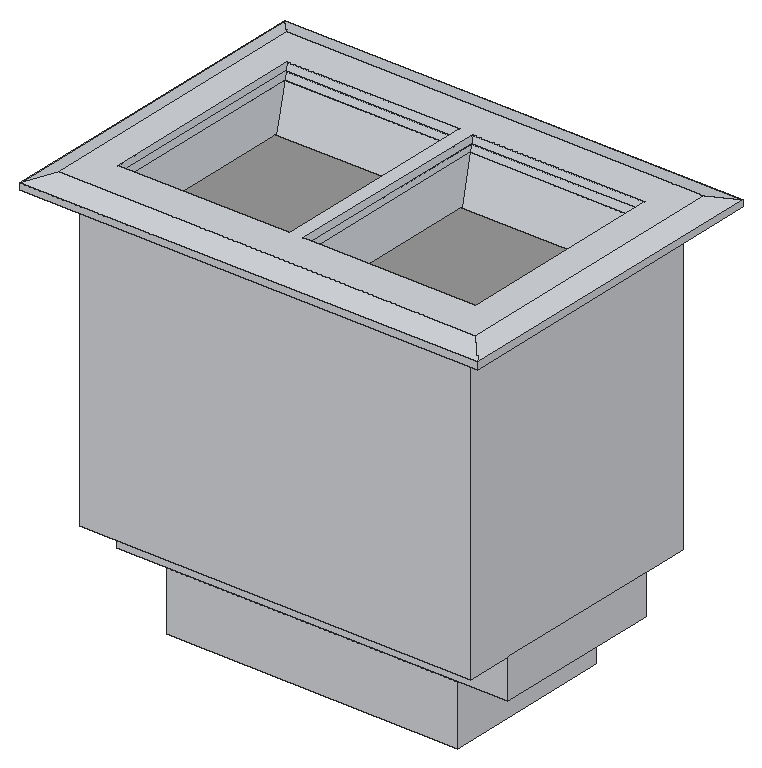
Revit family "2061078 Sylvania Lighting Fixture DOMINO 2xLED 940 BLACK NB TRIM BLACK", category Lighting Fixtures, host Face, Revit 2018
Family settings
  Host = Face
  Round Connector Dimension = Use Diameter
  Part Type = Normal
  OmniClass Number = 23.80.70.00
  OmniClass Title = Lighting
  Cut with Voids When Loaded = No
  Light Source = Yes
  Shared = No
  Room Calculation Point = No
Parameters (values of type "2061078 DOMINO 2XLED 940 BLACK NB TR BLK ")
  top top length = 44 mm
  Width = 50 mm
  Weight = "n/a"
  Wattage Comments = ""
  Wattage = 9.2903 W
  WarrantyStartDate [instance] = "n/a"
  WarrantyGuarantorParts = "n/a"
  WarrantyDurationUnit = "n/a"
  WarrantyDurationParts = ""
  WarrantyDescription = "http://www.sylvania-lighting.com"
  built-in parameter 1150110 = 1 (stored number, unit not read)
  Voltage = 0 V
  URL = "0.6"
  TypeName = "DOMINO 2xLED 940 BLACK NB TRIM BLACK"
  Type Image = <None>
  Type Comments = "n/a"
  built-in parameter 1114217 = 1 (stored number, unit not read)
  Top Width = 26 mm
  Tilt Angle = 90.00°
  built-in parameter 1150109 = 1 (stored number, unit not read)
  built-in parameter 1150134 = 3
  built-in parameter 1150113 = 1 (stored number, unit not read)
  SerialNumber [instance] = "n/a"
  Recessed Width = 43 mm
  Recessed Length = 63 mm
  Photometric Web File = "2061078.ies"
  Material_3_FEILO = none
  PowerFactor = 0
  PowerConsumption = "Lighting"
  NominalLength = 50 mm
  NominalHeight = 0 mm
  NominalDepth = 0 mm
  Name = "DOMINO 2xLED 940 BLACK NB TRIM BLACK"
  ModelReference = Name  # "DOMINO 2xLED 940 BLACK NB TRIM BLACK"
  ModelNumber = "2061078"
  Model = Name  # "DOMINO 2xLED 940 BLACK NB TRIM BLACK"
  Material = "Feilo Sylvania"
  ManufacturerName = "59 lm/W"
  Manufacturer = ""
  LuminousEfficacy = ""
  built-in parameter 1150105 = 109.82 (stored number, unit not read)
  Lumens = 1380 lm
  LuminaireType = "0"
  built-in parameter 1150115 = 1 (stored number, unit not read)
  LightOutputRatio = "LED"
  built-in parameter 1150137 = (empty or 0)
  built-in parameter 1150139 = (empty or 0)
  Lens Width = 32 mm
  Lens = Glass, White, High Luminance
  Length = 69 mm
  LampsType = Lamp  # "n/a"
  LampNominalLuminous = "4000 K"
  LampMacAdamStep = "90"
  LampColourTemperature = "LED"
  LampColourRenderingIndex = "16500"
  built-in parameter 1150112 = 1 (stored number, unit not read)
  built-in parameter 1150114 = 1 (stored number, unit not read)
  Lamp = "n/a"
  Keynote = "n/a"
  InstallationDate [instance] = "n/a"
  InputVoltage = "0"
  InputNominalFrequency = "4000"
  built-in parameter 1150132 = (empty or 0)
  built-in parameter 1150102 = (empty or 0)
  built-in parameter 1150107 = 3200 (stored number, unit not read)
  built-in parameter 1150138 = (empty or 0)
  IngressProtection = "IfcLightFixtureType"
  ImpactProtectionIndex = "IfcLightFixtureType"
  built-in parameter 1150106 = 1.0982 (stored number, unit not read)
  IfcExportType = "IfcLightFixtureType"
  IfcExportAs = "Class II"
  Facia internal width = 37 mm
  Facia internal length = 56 mm
  Facia Height = 2 mm
  ExpectedLife = 50000
  Emit from Circle Diameter = 609.6 mm
  Emit Shape Visible in Rendering = no
  ElectricShockClassification = "59"
  built-in parameter 1150104 = 13.8 (stored number, unit not read)
  DurationUnit = "hours"
  DocumentationLiterature = "http://www.sylvania-lighting.com/product/en-int/products/2061078"
  DimmingControlOptions = "n/a"
  Material_2_FEILO = none
  Dimming Lamp Color Temperature Shift = <None>
  Description = "Modular LED recessed linear spotlight, ideal for retail and hospitality applications. Die-cast aluminium body, passive cooling. Two levels of reflector installation, low glaring UGR<16. 2x LED source, 15° beam angle , optics: PMMA lens and polycarbonate reflector combination, Black matt reflector finish. Light color temperature: 4000K neutral white, total system power: 6W , total fixture lumen output: 350lm, efficacy: 59 lm/W, Ra90 typical, LED chromacity: 3 step MacAdam ellipse (SDCM3), lifespan: 96,000 hours at 90% of the original output (L90B10), IR/UV free light source without heat radiation, operating voltage: 220-240V / 50-60Hz, electronic driver, ultra low flicker, non-dimmable , electrical protection: Class II. Degree of Protection: IP40/IP20, suitable for indoor environment only. Ceiling cut-out: 43x43mm, outer dimensions:  70x50mm trim frame RAL 9005 - Jet black color.5 years Warranty."
  Default Elevation = 1219.2 mm
  CreatedOn = "10/02/2021"
  CreatedBy = "harvey.smart@sylvania-lighting.com"
  Cost = 0
  Color Filter = 16777215
  built-in parameter 1114216 [instance] = (empty or 0)
  ClassificationValue = "EF_70_80"
  ClassificationName = "Uniclass2015"
  Material_1_FEILO = none
  Body Width = 40 mm
  Body Length = 59 mm
  BarCode [instance] = "n/a"
  built-in parameter 1114218 = 1 (stored number, unit not read)
  built-in parameter 1150133 = 10 (stored number, unit not read)
  AssetType = "Fixed"
  AssetIdentifier [instance] = "n/a"
  Assembly Code = "D5020200"
  Apparent Load = 6 VA
  Material_4_FEILO = none
Reference planes
  plane 1 "Center (Front/Back)": y = 0
  plane 2: z = 0
  plane 3 "Center (Left/Right)": x = 0
  plane 4: z = 0
  plane 5: z = -7
  plane 6: z = -45.895
  plane 7: z = -51.895
  plane 8: z = -60.895
  plane 9: x = -31.5
  plane 10: x = 31.5
  plane 11: y = 21.5
  plane 12: y = -21.5
  plane 13: x = -34.5
  plane 14: x = 34.5
  plane 15: y = 25
  plane 16: y = -25
  plane 17: x = 28
  plane 18: x = -28
  plane 19: y = 18.5
  plane 20: y = -18.5
  plane 21: z = 2
  plane 22: x = -29.5
  plane 23: x = 29.5
  plane 24: y = 20
  plane 25: y = -20
  plane 26: y = 13
  plane 27: y = -13
  plane 28: x = 22
  plane 29: y = 16
  plane 30: y = -16
  plane 31: x = -27
  plane 32: x = -1
  plane 33: x = -26
  plane 34: x = -2
  plane 35: y = 12.5
  plane 36: y = -12.5
  plane 37: x = 27
  plane 38: x = 1
  plane 39: x = 2
  plane 40: x = 26.026
Forms (mm)
  Extrusion 1, solid, not visible, detail levels medium+fine
    sketch origin (4.2, 0, 0) x (1, 0, 0) y (0, 1, 0)
      loop
        line (-29.2, 34.5) -> (-29.2, -34.5) -> (20.8, -34.5) -> (20.8, 34.5) -> (-29.2, 34.5)
    from 0 to 1
  Extrusion 2, solid, not visible, detail levels medium+fine
    sketch origin (4.044, 0, 0) x (1, 0, 0) y (0, 1, 0)
      loop
        line (-29.2, 34.5) -> (-29.2, -34.5) -> (20.8, -34.5) -> (20.8, 34.5) -> (-29.2, 34.5)
    from 0 to 1
  Blend 3, solid, not visible, detail levels medium+fine
    base sketch origin (4.2, 0, 0) x (1, 0, 0) y (0, 1, 0)
      loop
        line (-29.2, 34.5) -> (-29.2, -34.5) -> (20.8, -34.5) -> (20.8, 34.5) -> (-29.2, 34.5)
    top sketch origin (4.2, 0, 0) x (1, 0, 0) y (0, 1, 0)
      loop
        line (-21.7, 28) -> (-21.7, -28) -> (13.3, -28) -> (13.3, 28) -> (-21.7, 28)
    from 1 to 3
  Extrusion 4, solid, not visible, detail levels medium+fine
    sketch origin (3.419, 0, 0) x (1, 0, 0) y (0, 1, 0)
      loop
        line (-29.2, 34.5) -> (-29.2, -34.5) -> (20.8, -34.5) -> (20.8, 34.5) -> (-29.2, 34.5)
    from 0 to 1
  Blend 5, solid, not visible, detail levels medium+fine
    base sketch origin (3.575, 0, 0) x (1, 0, 0) y (0, 1, 0)
      loop
        line (-29.2, 34.5) -> (-29.2, -34.5) -> (20.8, -34.5) -> (20.8, 34.5) -> (-29.2, 34.5)
    top sketch origin (3.575, 0, 0) x (1, 0, 0) y (0, 1, 0)
      loop
        line (-21.7, 28) -> (-21.7, -28) -> (13.3, -28) -> (13.3, 28) -> (-21.7, 28)
    from 1 to 3
  Extrusion 6, solid, not visible, detail levels medium+fine
    sketch origin (4.247, 0, 0) x (1, 0, 0) y (0, 1, 0)
      loop
        line (-29.2, 34.5) -> (-29.2, -34.5) -> (20.8, -34.5) -> (20.8, 34.5) -> (-29.2, 34.5)
    from 0 to 1
  Blend 7, solid, not visible, detail levels medium+fine
    base sketch origin (4.403, 0, 0) x (1, 0, 0) y (0, 1, 0)
      loop
        line (-29.2, 34.5) -> (-29.2, -34.5) -> (20.8, -34.5) -> (20.8, 34.5) -> (-29.2, 34.5)
    top sketch origin (4.403, 0, 0) x (1, 0, 0) y (0, 1, 0)
      loop
        line (-21.7, 28) -> (-21.7, -28) -> (13.3, -28) -> (13.3, 28) -> (-21.7, 28)
    from 1 to 3
  Extrusion 8, void, detail levels medium+fine
    sketch origin (4.2, 0, 0) x (0, 1, 0) y (1, 0, 0)
      loop
        line (21.5, -35.7) -> (21.5, 27.3) -> (-21.5, 27.3) -> (-21.5, -35.7) -> (21.5, -35.7)
    from -9.934 to 83.097
  Extrusion 9, solid, detail levels medium+fine
    sketch origin (4.2, 0, 0) x (1, 0, 0) y (0, 1, 0)
      loop
        line (-38.7, 25) -> (-38.7, -25) -> (30.3, -25) -> (30.3, 25) -> (-38.7, 25)
    from 0 to 1
  Blend 10, solid, detail levels medium+fine
    base sketch origin (4.2, 0, 0) x (1, 0, 0) y (0, 1, 0)
      loop
        line (-38.7, 25) -> (-38.7, -25) -> (30.3, -25) -> (30.3, 25) -> (-38.7, 25)
    top sketch origin (4.2, 0, 0) x (1, 0, 0) y (0, 1, 0)
      loop
        line (-35.7, 21.5) -> (-35.7, -21.5) -> (27.3, -21.5) -> (27.3, 21.5) -> (-35.7, 21.5)
    from 1 to 2
  Extrusion 11, solid, detail levels medium+fine
    sketch origin (4.2, 0, 0) x (1, 0, 0) y (0, 1, 0)
      loop
        line (-33.7, 20) -> (-33.7, -20) -> (25.3, -20) -> (25.3, 20) -> (-33.7, 20)
    from 0 to -45.895
  Extrusion 12, solid, detail levels medium+fine
    sketch origin (4.2, 0, 0) x (1, 0, 0) y (0, 1, 0)
      loop
        line (-33.7, 13) -> (-33.7, -13) -> (25.3, -13) -> (25.3, 13) -> (-33.7, 13)
    from -51.895 to -45.895
  Extrusion 13, solid, detail levels fine
    sketch origin (4.2, 0, 0) x (1, 0, 0) y (0, 1, 0)
      loop
        line (-26.2, 13) -> (-26.2, -13) -> (17.8, -13) -> (17.8, 13) -> (-26.2, 13)
    from -60.895 to -51.895
  Blend 14, void, detail levels medium+fine
    base sketch origin (4.2, 0, 0) x (0, 1, 0) y (-1, 0, 0)
      loop
        line (16, 31.2) -> (-16, 31.2) -> (-16, 5.2) -> (16, 5.2) -> (16, 31.2)
    top sketch origin (4.2, 0, 0) x (0, 1, 0) y (-1, 0, 0)
      loop
        line (12.5, 30.2) -> (-12.5, 30.2) -> (-12.5, 6.2) -> (12.5, 6.2) -> (12.5, 30.2)
    from 2 to -7
  Blend 15, void, detail levels medium+fine
    base sketch origin (4.2, 0, 0) x (0, 1, 0) y (-1, 0, 0)
      loop
        line (16, 3.2) -> (-16, 3.2) -> (-16, -22.8) -> (16, -22.8) -> (16, 3.2)
    top sketch origin (4.2, 0, 0) x (0, 1, 0) y (-1, 0, 0)
      loop
        line (12.5, 2.2) -> (-12.5, 2.2) -> (-12.5, -21.826) -> (12.5, -21.826) -> (12.5, 2.2)
    from 2 to -7
  Extrusion 16, solid, material "Glass, White, High Luminance" <- "Lens", detail levels fine
    sketch origin (0, 1219.2, 38) x (1, 0, 0) y (0, 1, 0)
      loop
        line (-26, -1206.7) -> (-26, -1231.7) -> (-2, -1231.7) -> (-2, -1206.7) -> (-26, -1206.7)
    from -45 to -44
  Extrusion 17, solid, material "Glass, White, High Luminance" <- "Lens", detail levels fine
    sketch origin (4.2, 0, 0) x (1, 0, 0) y (0, 1, 0)
      loop
        line (-2.2, 12.5) -> (-2.2, -12.5) -> (21.826, -12.5) -> (21.826, 12.5) -> (-2.2, 12.5)
    from -7 to -6
  Extrusion 18, solid, detail levels coarse
    sketch origin (0, 1219.2, 38) x (1, 0, 0) y (0, 1, 0)
      loop
        line (34.5, -1194.2) -> (-34.5, -1194.2) -> (-34.5, -1244.2) -> (34.5, -1244.2) -> (34.5, -1194.2)
    from -36 to -98.895
Cuts and joins
  Blend 14, Blend 15 cuts Extrusion 9
  Blend 14, Blend 15 cuts Blend 10
  Blend 14, Blend 15 cuts Extrusion 11
Dimensions and locks
  "Recessed Length": plane 9 to plane 10
  equal spacing: plane 9, plane 3 "Center (Left/Right)", plane 10
  "Length": plane 13 to plane 14
  equal spacing: plane 13, plane 3 "Center (Left/Right)", plane 14
  "Recessed Width": plane 11 to plane 12
  equal spacing: plane 11, plane 1 "Center (Front/Back)", plane 12
  "Width": plane 15 to plane 16
  equal spacing: plane 15, plane 1 "Center (Front/Back)", plane 16
  "Facia internal length": plane 18 to plane 17
  equal spacing: plane 18, plane 3 "Center (Left/Right)", plane 17
  "Facia internal width": plane 19 to plane 20
  equal spacing: plane 19, plane 1 "Center (Front/Back)", plane 20
  "Facia Height": plane 21 to host face
  "Body Length": plane 22 to plane 23
  equal spacing: plane 22, plane 3 "Center (Left/Right)", plane 23
  "Body Width": plane 24 to plane 25
  equal spacing: plane 24, plane 1 "Center (Front/Back)", plane 25
  "Top Width": plane 26 to plane 27
  equal spacing: plane 26, plane 1 "Center (Front/Back)", plane 27
  plane 3 "Center (Left/Right)" to plane 28 = 22 mm
  "Lens Width": plane 29 to plane 30
  equal spacing: plane 29, plane 1 "Center (Front/Back)", plane 30
  aligned and locked: plane 2 to host face
  aligned and locked: level to host face
  aligned and locked: plane 21 to Blend 10
  aligned and locked: Extrusion 9 to Blend 10
  aligned and locked: plane 7 to Extrusion 13
  aligned and locked: Extrusion 12 to plane 7
  aligned and locked: Extrusion 11 to plane 6
  aligned and locked: Blend 14 to plane 5
  aligned and locked: plane 21 to Blend 14
  aligned and locked: Blend 15 to plane 5
  aligned and locked: plane 21 to Blend 15
Automatic sketch dimensions
  host sketch curve to host sketch curve = 2438.4 mm  (x2)
  Extrusion 1 sketch curve to Extrusion 1 sketch curve = 50 mm
  Extrusion 1 sketch curve to Extrusion 1 sketch curve = 69 mm
  Extrusion 2 sketch curve to Extrusion 2 sketch curve = 50 mm
  Extrusion 2 sketch curve to Extrusion 2 sketch curve = 69 mm
  Blend 3 sketch curve to Blend 3 sketch curve = 50 mm
  Blend 3 sketch curve to Blend 3 sketch curve = 69 mm
  Blend 3 sketch curve to Blend 3 sketch curve = 35 mm
  Blend 3 sketch curve to Blend 3 sketch curve = 56 mm
  Extrusion 4 sketch curve to Extrusion 4 sketch curve = 50 mm
  Extrusion 4 sketch curve to Extrusion 4 sketch curve = 69 mm
  Blend 5 sketch curve to Blend 5 sketch curve = 50 mm
  Blend 5 sketch curve to Blend 5 sketch curve = 69 mm
  Blend 5 sketch curve to Blend 5 sketch curve = 35 mm
  Blend 5 sketch curve to Blend 5 sketch curve = 56 mm
  Extrusion 6 sketch curve to Extrusion 6 sketch curve = 50 mm
  Extrusion 6 sketch curve to Extrusion 6 sketch curve = 69 mm
  Blend 7 sketch curve to Blend 7 sketch curve = 50 mm
  Blend 7 sketch curve to Blend 7 sketch curve = 69 mm
  Blend 7 sketch curve to Blend 7 sketch curve = 35 mm
  Blend 7 sketch curve to Blend 7 sketch curve = 56 mm
  Extrusion 8 sketch curve to plane 9 = 0 mm
  Extrusion 8 sketch curve to plane 12 = 0 mm
  Extrusion 8 sketch curve to plane 11 = 0 mm
  Extrusion 8 sketch curve to plane 10 = 0 mm
  Extrusion 9 sketch curve to plane 13 = 0 mm
  Extrusion 9 sketch curve to plane 14 = 0 mm
  Extrusion 9 sketch curve to plane 16 = 0 mm
  Extrusion 9 sketch curve to plane 15 = 0 mm
  Blend 10 sketch curve to plane 13 = 0 mm
  Blend 10 sketch curve to plane 14 = 0 mm
  Blend 10 sketch curve to plane 16 = 0 mm
  Blend 10 sketch curve to plane 15 = 0 mm
  Blend 10 sketch curve to plane 9 = 0 mm
  Blend 10 sketch curve to plane 10 = 0 mm
  Blend 10 sketch curve to plane 12 = 0 mm
  Blend 10 sketch curve to plane 11 = 0 mm
  Extrusion 11 sketch curve to plane 22 = 0 mm
  Extrusion 11 sketch curve to plane 23 = 0 mm
  Extrusion 11 sketch curve to plane 25 = 0 mm
  Extrusion 11 sketch curve to plane 24 = 0 mm
  Extrusion 12 sketch curve to plane 22 = 0 mm
  Extrusion 12 sketch curve to plane 23 = 0 mm
  Extrusion 12 sketch curve to plane 27 = 0 mm
  Extrusion 12 sketch curve to plane 26 = 0 mm
  Extrusion 13 sketch curve to plane 27 = 0 mm
  Extrusion 13 sketch curve to plane 28 = 0 mm
  Extrusion 13 sketch curve to plane 26 = 0 mm
  plane 18 to Extrusion 13 sketch curve = 6 mm
  Blend 14 sketch curve to plane 30 = 0 mm
  Blend 14 sketch curve to plane 29 = 0 mm
  Blend 14 sketch curve to plane 32 = 0 mm
  Blend 14 sketch curve to plane 31 = 0 mm
  Blend 14 sketch curve to plane 33 = 0 mm
  Blend 14 sketch curve to plane 36 = 0 mm
  Blend 14 sketch curve to plane 35 = 0 mm
  Blend 14 sketch curve to plane 34 = 0 mm
  Blend 15 sketch curve to plane 30 = 0 mm
  Blend 15 sketch curve to plane 29 = 0 mm
  Blend 15 sketch curve to plane 37 = 0 mm
  Blend 15 sketch curve to plane 38 = 0 mm
  Blend 15 sketch curve to plane 36 = 0 mm
  Blend 15 sketch curve to plane 35 = 0 mm
  Blend 15 sketch curve to plane 40 = 0 mm
  Blend 15 sketch curve to plane 39 = 0 mm
  plane 31 to Extrusion 16 sketch curve = 1 mm
  Extrusion 16 sketch curve to plane 11 = 9 mm
  Extrusion 16 sketch curve to plane 34 = 0 mm
  plane 1 "Center (Front/Back)" to Extrusion 16 sketch curve = 12.5 mm
  Extrusion 17 sketch curve to plane 36 = 0 mm
  Extrusion 17 sketch curve to plane 39 = 0 mm
  Extrusion 17 sketch curve to plane 40 = 0 mm
  Extrusion 17 sketch curve to plane 35 = 0 mm
  Extrusion 18 sketch curve to plane 33 = 8.5 mm
  plane 14 to Extrusion 18 sketch curve = 0 mm
  plane 16 to Extrusion 18 sketch curve = 50 mm
  Extrusion 18 sketch curve to plane 36 = 12.5 mm
